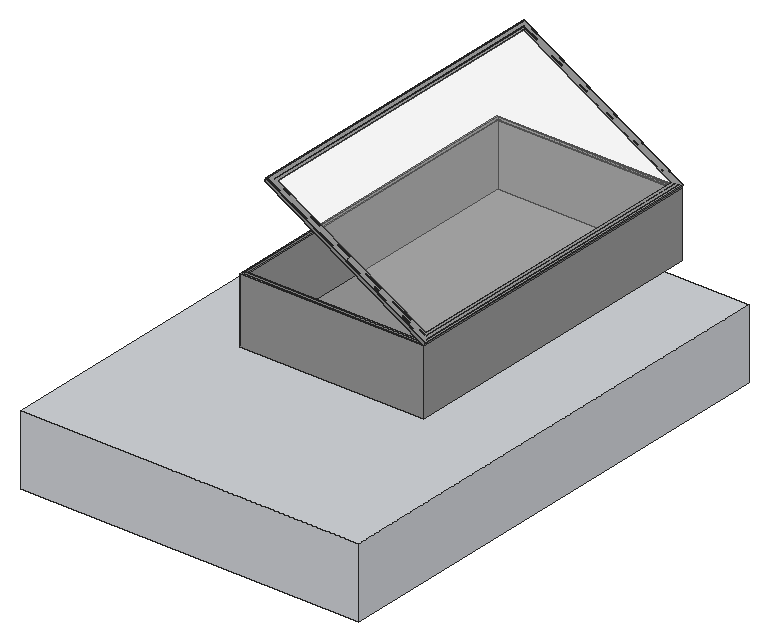
Revit family "Hager-Orion_Inox-IP66-D300-Cl.I-Inox_encl-630A-1400mm-CH-it", category Equipement électrique, Revit 2020
Family settings
  Hôte = Face
  Configuration du panneau = Deux colonnes, circuits au sein
  Cote de connecteur circulaire = Utiliser le diamètre
  Type d'élément = Tableau de raccordement
  Couper avec des vides une fois chargée = Non
  Partagée = Non
  Point de calcul de pièce = Non
Parameters (values of type "A parete IP66 L800 A1400 P300  - FL049TWL")
  Width Control [instance] = if([EF000008 - Larghezza] > Min Width, [EF000008 - Larghezza], Min Width)  # 800 mm
  Commentaires du type = [HG000003 - Gamma]  # "Orion Inox"
  Thickness Door [instance] = if([EF009171 - spessore materiale porta/coperchio] > 3 mm, 3 mm, [EF009171 - spessore materiale porta/coperchio])  # 1.5 mm
  Seal Frame Offset [instance] = 17 mm  # constant formula
  Model = ""
  Min Width [instance] = 100 mm  # constant formula
  Min Height [instance] = 100 mm  # constant formula
  Min Depth [instance] = (2 * [EF009170 - spessore materiale scatola]) + 1 mm  # 4 mm
  Internal Frame Depth [instance] = (Door System Depth * 0.5)  # 9 mm
  Height Control [instance] = if([EF000040 - Altezza] > Min Height, [EF000040 - Altezza], Min Height)  # 1400 mm
  HG000027 - Altezza dello zoccolo = 0 mm
  HG000026 - A pavimento = no
  HG000024 - Altezza della sezione inferiore = 800 mm
  HG000023 - Custodia a doppia sezione = no
  HG000016 - Visibilità delle porte nella vista 3D [instance] = yes
  HG000015 - Visibilità attraverso la porta [instance] = no
  HG000014 - Porta destra [instance] = yes
  HG000013 - Porta sinistra [instance] = not([HG000014 - Porta destra])  # no
  HG000012 - Angolo di apertura della porta [instance] = 30.00°
  HG000010 - Porte asimmetriche = no
  HG000009 - Porta doppia a battente = no
  HG000006 - Ad incasso = no
  HG000004 - Codice produttore = "FL049TWL"
  HG000003 - Gamma = "Orion Inox"
  HG000002 - Con porta = yes
  Frame Offset Bottom [instance] = 10 mm  # constant formula
  Frame Offset [instance] = 15 mm  # constant formula
  EF015940 - Coprire con rilascio di sovrapressione = no
  EF011959 - tipo di protezione (NEMA) = ""
  EF009554 - numero delle aperture per la piastra della flangia = 0
  Fabricant = "Hager"  # constant formula
  EF009212 - esecuzione coperchio = "EV000116 - chiuso"
  EF009171 - spessore materiale porta/coperchio = 1.5 mm
  EF009170 - spessore materiale scatola = 1.5 mm
  EF008873 - corrente nominale (In) = 630 A
  EF007800 - adatto per parafulmine = no
  EF006306 - con serratura = yes
  EF006244 - coperchio/porta trasparente = yes
  EF005474 - grado di protezione (IP) = "EV006422 - IP66"
  EF004464 - tipo di porta = "EV002646 - singolo"
  EF004427 - numero di moduli = 0
  EF004293 - resistenza agli urti = "EV006814 - IK08"
  EF003532 - adatto per uso esterno = yes
  EF002950 - Numero moduli DIN = 0
  EF001613 - Integrità del circuito = "EV000494 - senza"
  EF001596 - Attacco Lampada = "EV000166 - acciaio inossidabile"
  EF001131 - profondità interna = 266 mm
  EF001088 - possibilità di applicazione = yes
  EF000437 - numero di ingressi per conduttori = 0
  EF000339 - tipo di copertura = "EV004216 - porta"
  EF000266 - numero di file = 0
  EF000218 - profondità di incasso = 0 mm
  EF000118 - con piastra di montaggio = no
  EF000116 - numero RAL = ""
  EF000049 - profondità = 300 mm
  EF000040 - Altezza = 1400 mm
  EF000008 - Larghezza = 800 mm
  EF000007 - colore = "EV000154 - altri"
  EF000003 - Tipo di montaggio = "EV000384 - A parete"
  Door System Leaf Tolerance [instance] = 1.5 mm  # constant formula
  Door System Depth [instance] = 18 mm  # constant formula
  Depth Control [instance] = if([EF000049 - profondità] > Min Depth, [EF000049 - profondità], Min Depth)  # 300 mm
  Default Elevation = 0 mm
Types (4, lengths in mm): name | HG000004 - Codice produttore | EF006244 - coperchio/porta trasparente | EF004293 - resistenza agli urti
  A parete IP66 L800 A1400 P300  - FL049BW | "FL049BW" | no | "EV008784 - IK10"
  A parete IP66 L800 A1400 P300  - FL049BWL | "FL049BWL" | no | "EV008784 - IK10"
  A parete IP66 L800 A1400 P300  - FL049TW | "FL049TW" | yes | "EV006814 - IK08"
  A parete IP66 L800 A1400 P300  - FL049TWL | "FL049TWL" | yes | "EV006814 - IK08"
Reference planes
  plane 1 "Center (Front/Back)": y = 0
  plane 2: z = 0
  plane 3 "Center (Left/Right)": x = 0
  plane 4: z = 300
  plane 5: y = 1.5
  plane 6: y = 700
  plane 7: y = 0
  plane 8: y = 1400
  plane 9: z = 0
  plane 10: x = -385
  plane 11: x = 385
  plane 12: x = 383.5
  plane 13: x = -383.5
  plane 14: y = 1398.5
  plane 15: x = -383
  plane 16: x = -400
  plane 17: x = 383
  plane 18: x = 400
  plane 19: x = 398.5
  plane 20: x = -398.5
  plane 21: y = 11.5
  plane 22: y = 1400
  plane 23: y = 1383.5
  plane 24: z = 282
  plane 25: z = 1.5
  plane 26: z = 280.5
  plane 27: z = 298.5
Forms (mm)
  Extrusion 1, solid
    sketch origin (0, 0, 0) x (1, 0, 0) y (0, 1, 0)
      loop
        line (-702.964, 1305) -> (-702.964, -811.445) -> (766.763, -811.445) -> (766.763, 1305) -> (-702.964, 1305)
    from 0 to -304.8
  Extrusion 2, solid, material "Hager_Stainless_Steel", detail levels medium+fine
    sketch origin (0, 0, 0) x (1, 0, 0) y (0, 1, 0)
      loop
        line (-400, 0) -> (400, 0) -> (400, 1400) -> (-400, 1400) -> (-400, 0)
    from 0 to 282
  Extrusion 3, solid, material "Hager_Steel_RAL 7035_Light_Grey", not visible, detail levels medium+fine
    sketch origin (0, 28.16, 50.802) x (0, 1, 0) y (0, 0, 1)
      loop
        line (723.34, -50.802) -> (723.34, 237.698)
        arc (723.34, 237.698) -> (720.411, 244.769) -> (713.34, 247.698) r 10
        line (713.34, 247.698) -> (683.34, 247.698) -> (683.34, -50.802) -> (723.34, -50.802)
    from -398.5 to 398.5
  Extrusion 4, void
    sketch origin (0, 0, 0) x (1, 0, 0) y (0, 1, 0)
      loop
        line (-398.5, 1.5) -> (398.5, 1.5) -> (398.5, 1398.5) -> (-398.5, 1398.5) -> (-398.5, 1.5)
    from 1.5 to 280.5
  Extrusion 5, void
    sketch origin (-381.607, -4572, 282) x (0, -1, 0) y (-1, 0, 0)
      loop
        line (-4583.5, 1.893) -> (-5955.5, 1.893) -> (-5955.5, -765.107) -> (-4583.5, -765.107) -> (-4583.5, 1.893)
    from 0 to 1.5 <- "EF009170 - spessore materiale scatola"
  Extrusion 6, solid, material "Hager_Stainless_Steel", detail levels fine
    sketch origin (-381.607, -4572, 282) x (-1, 0, 0) y (0, -1, 0)
      loop
        line (1.893, -4583.5) -> (-765.107, -4583.5) -> (-765.107, -5955.5) -> (1.893, -5955.5) -> (1.893, -4583.5)
      loop
        line (2.893, -4582) -> (-766.107, -4582) -> (-766.107, -5957) -> (2.893, -5957) -> (2.893, -4582)
    from 0 to 9 <- "Internal Frame Depth"
  Extrusion 7, solid, material "Hager_Stainless_Steel", detail levels coarse
    sketch origin (0, 0, 0) x (1, 0, 0) y (0, 1, 0)
      loop
        line (-400, 0) -> (400, 0) -> (400, 1400) -> (-400, 1400) -> (-400, 0)
    from 0 to 300
Cuts and joins
  Extrusion 4, Extrusion 5 cuts Extrusion 2
Lines and regions (mm)
  Masking region 1
    outline origin (0, 0, 0) x (1, 0, 0) y (0, 0, 1)
      loop
        line (-400, 300) -> (-400, 0) -> (400, 0) -> (400, 300) -> (-400, 300)
  Masking region 2, detail levels medium+fine
    outline origin (0, 140, 0) x (0, 1, 0) y (0, 0, 1)
      loop
        line (-140, 0) -> (1260, 0) -> (1260, 282) -> (-140, 282) -> (-140, 0)
  Masking region 3, not visible, detail levels medium+fine
    outline origin (0, 297.922, 0) x (0, 1, 0) y (0, 0, 1)
      loop
        line (413.578, 0) -> (453.578, 0) -> (453.578, 288.5)
        arc (453.578, 288.5) -> (450.649, 295.571) -> (443.578, 298.5) r 10
        line (443.578, 298.5) -> (413.578, 298.5) -> (413.578, 0)
  Masking region 4, detail levels coarse
    outline origin (0, 0, 180) x (0, 1, 0) y (0, 0, 1)
      loop
        line (0, -180) -> (1400, -180) -> (1400, 120) -> (0, 120) -> (0, -180)
  Masking region 5
    outline origin (-381.607, -4572, 282) x (-1, 0, 0) y (0, -1, 0)
      loop
        line (18.393, -5972) -> (18.393, -4572) -> (-781.607, -4572) -> (-781.607, -5972) -> (18.393, -5972)
Dimensions and locks
  "Depth Control": plane 4 to Extrusion 1
  "EF009170 - spessore materiale scatola": plane 5 to plane 7
  locked: connector elem to plane 3 "Center (Left/Right)"
  equal spacing: plane 8, plane 6, plane 7
  locked: connector elem to plane 6
  "EF009170 - spessore materiale scatola": plane 8 to plane 14
  "EF009170 - spessore materiale scatola": plane 10 to plane 13
  "EF009170 - spessore materiale scatola": plane 12 to plane 11
  "Frame Offset": plane 20 to plane 13
  "Frame Offset": plane 12 to plane 19
  "EF009170 - spessore materiale scatola": plane 16 to plane 20
  "EF009170 - spessore materiale scatola": plane 19 to plane 18
  "Seal Frame Offset": plane 16 to plane 15
  "Seal Frame Offset": plane 17 to plane 18
  "Frame Offset Bottom": plane 21 to plane 5
  "Frame Offset": plane 14 to plane 23
  equal spacing: plane 16, plane 3 "Center (Left/Right)", plane 18
  "Width Control": plane 16 to plane 18
  "EF009170 - spessore materiale scatola": plane 4 to plane 27
  "EF009170 - spessore materiale scatola": plane 24 to plane 26
  "EF009170 - spessore materiale scatola": plane 25 to level
  "Door System Depth": plane 4 to plane 24
  "Height Control": plane 1 "Center (Front/Back)" to Extrusion 7 sketch curve
  "Height Control": Masking region 4 sketch curve to plane 1 "Center (Front/Back)"
  "Thickness Door": Extrusion 6 sketch curve to plane 15
  "Thickness Door": plane 21 to Extrusion 6 sketch curve
  "Thickness Door": plane 17 to Extrusion 6 sketch curve
  "Thickness Door": Extrusion 6 sketch curve to plane 23
  "Height Control": plane 1 "Center (Front/Back)" to plane 22
  radius of Masking region 3 sketch curve = 10 mm
  radius of Extrusion 3 sketch curve = 10 mm
  aligned and locked: plane 2 to Extrusion 1
  aligned and locked: level to Extrusion 1
  aligned and locked: level to Masking region 1 sketch curve
  aligned and locked: Masking region 1 sketch curve to plane 18
  aligned and locked: Masking region 1 sketch curve to plane 16
  aligned and locked: plane 7 to Masking region 2 sketch curve
  aligned and locked: level to Masking region 3 sketch curve
  aligned and locked: Masking region 3 sketch curve to plane 27
  aligned and locked: level to Masking region 2 sketch curve
  aligned and locked: Extrusion 2 sketch curve to plane 7
  aligned and locked: plane 16 to Extrusion 2 sketch curve
  aligned and locked: plane 18 to Extrusion 2 sketch curve
  aligned and locked: Extrusion 3 sketch curve to level
  aligned and locked: plane 27 to Extrusion 3 sketch curve
  aligned and locked: plane 20 to Extrusion 3
  aligned and locked: plane 19 to Extrusion 3
  aligned and locked: plane 20 to Extrusion 4 sketch curve
  aligned and locked: plane 19 to Extrusion 4 sketch curve
  aligned and locked: Extrusion 4 sketch curve to plane 5
  aligned and locked: Extrusion 4 to plane 25
  aligned and locked: plane 26 to Extrusion 4
  aligned and locked: plane 24 to Extrusion 2
  aligned and locked: Extrusion 5 sketch curve to plane 21
  aligned and locked: Extrusion 5 sketch curve to plane 13
  aligned and locked: Extrusion 5 sketch curve to plane 12
  aligned and locked: plane 18 to Extrusion 7 sketch curve
  aligned and locked: plane 1 "Center (Front/Back)" to Extrusion 7 sketch curve
  aligned and locked: plane 16 to Extrusion 7 sketch curve
  aligned and locked: plane 4 to Extrusion 7
  aligned and locked: Extrusion 7 to level
  aligned and locked: level to Masking region 4 sketch curve
  aligned and locked: Masking region 4 sketch curve to plane 1 "Center (Front/Back)"
  aligned and locked: Masking region 4 sketch curve to plane 4
  aligned and locked: nested 1 to level
  aligned and locked: nested 1 to plane 16
  aligned and locked: plane 8 to Extrusion 2 sketch curve
  aligned and locked: plane 23 to Extrusion 5 sketch curve
  aligned and locked: plane 14 to Extrusion 4 sketch curve
  aligned and locked: Extrusion 6 sketch curve to plane 21
  aligned and locked: plane 13 to Extrusion 6 sketch curve
  aligned and locked: plane 23 to Extrusion 6 sketch curve
  aligned and locked: plane 12 to Extrusion 6 sketch curve
  aligned and locked: Masking region 2 sketch curve to plane 8
  aligned and locked: Masking region 2 sketch curve to plane 24
  aligned and locked: nested 2 to plane 3 "Center (Left/Right)"
  aligned and locked: nested 2 to plane 24
  aligned and locked: Masking region 5 sketch curve to plane 1 "Center (Front/Back)"
  aligned and locked: Masking region 5 sketch curve to plane 18
  aligned and locked: Masking region 5 sketch curve to plane 22
  aligned and locked: Masking region 5 sketch curve to plane 16
  aligned and locked: plane 8 to plane 22
  aligned and locked: plane 7 to plane 1 "Center (Front/Back)"
  aligned and locked: nested 2 to plane 1 "Center (Front/Back)"
Automatic sketch dimensions
  Extrusion 1 sketch curve to Extrusion 1 sketch curve = 1469.727 mm
  Extrusion 1 sketch curve to Extrusion 1 sketch curve = 2116.445 mm
  plane 6 to Masking region 3 sketch curve = 11.5 mm
  Masking region 3 sketch curve to Masking region 3 sketch curve = 30 mm
  plane 6 to Extrusion 3 sketch curve = 11.5 mm
  Extrusion 3 sketch curve to Extrusion 3 sketch curve = 30 mm
  Masking region 1 sketch curve to plane 4 = 0 mm
Nested families
  nested 1: "Hager_Enclosure_Symbol" at (-400, 0, 0) x (1, 0, 0) z (0, -1, 0), Height <- "Depth Control", Width <- "Width Control", type "Hager_Enclosure_Symbol"
    with Width_Ctrl 800 mm, Width 800 mm, Height_Ctrl 300 mm, Height 300 mm, A_Width_Int 19.688 mm, A_Width 236.25 mm, A_Height_Ctrl 262.5 mm, A_Height 262.5 mm
  nested 2: "EC000058_OrionInox_Door" at (0, 1400, 282) x (1, 0, 0) z (0, -1, 0), Leaf_Tolerance <- "Door System Leaf Tolerance", Angle <- "HG000012 - Angolo di apertura della porta", Door_Depth <- "Door System Depth", Door_Left <- "HG000013 - Porta sinistra", Transparent <- "EF006244 - coperchio/porta trasparente", Assymetrical <- "HG000010 - Porte asimmetriche", Width <- "Width Control", Clearance <- "HG000015 - Visibilità attraverso la porta", Double <- "HG000009 - Porta doppia a battente", 3d_Door <- "HG000016 - Visibilità delle porte nella vista 3D", Width_Ctrl <- "Width Control", Door_Right <- "HG000014 - Porta destra", Door <- "HG000002 - Con porta", Height <- "Height Control", Thickness <- "Thickness Door", type "EC000058_OrionInox_Door", detail levels medium+fine
    with min_wh 4 mm, Width_Ctrl 800 mm, Width 800 mm, Transparent yes, Thickness 1.5 mm, Seal_Material Hager_Rubber, Leaf_Width 800 mm, Leaf_Tolerance_External_Sides 0 mm, Leaf_Tolerance 1.5 mm, Leaf_Offset 0 mm, Leaf_Height 1397 mm, Leaf_2_Width 800 mm, Leaf_2_Offset 400 mm, Leaf_1_Width 800 mm, Leaf_1_Offset 400 mm, Height_Ctrl 1400 mm, Height 1400 mm, Glass_Material Hager_Glass, Double_Clearance_Ctrl no, Double no, Door_Right_Ctrl yes, Door_Right yes, Door_Material Hager_Stainless_Steel, Door_Left_Ctrl no, Door_Left no, Door_Depth 18 mm, Door yes, Clearance_Material Hager_Clearance, Clearance_Depth 800 mm, Clearance_Ctrl no, Clearance no, Assymetrical no, Angle 30.00°, 3d_Door yes
Connectors
  electrical at (0, 700, 0)
    settings: on plane 9, index 1, voltage 0 V, apparent load 0 VA, apparent load phase1 0 VA, apparent load phase2 0 VA, apparent load phase3 0 VA, power factor 1, load classification "Other", number of poles 1, system type 30, power factor state 1, is connector primary yes, connector utility no, sub classification motor no, connector description ""
Definition of nested family "EC000058_OrionInox_Door"
  Parameters (values of type "EC000058_OrionInox_Door")
    min_wh [instance] = (2 * Thickness) + 1 mm  # 11 mm
    Width_Ctrl [instance] = 400 mm
    Width [instance] = 500 mm
    Transparent [instance] = yes
    Thickness [instance] = 5 mm
    Seal_Material [instance] = none
    Leaf_Width [instance] = if((Width_Ctrl - 2 * Leaf_Tolerance_External_Sides) > 0 mm, (Width_Ctrl - 2 * Leaf_Tolerance_External_Sides), min_wh)  # 400 mm
    Leaf_Tolerance_External_Sides [instance] = 0 mm  # constant formula
    Leaf_Tolerance [instance] = 1.5 mm
    Leaf_Offset [instance] = 0 mm  # constant formula
    Leaf_Height [instance] = if((Height_Ctrl - 2 * Leaf_Tolerance) > 0 mm, (Height_Ctrl - 2 * Leaf_Tolerance), min_wh)  # 497 mm
    Leaf_2_Width [instance] = if(and(and(Double, Assymetrical), Door_Left), (Leaf_Width / 3) - (Leaf_Tolerance / 2), if(and(and(Double, Assymetrical), Door_Right), (Leaf_Width / 3) * 2 - (Leaf_Tolerance / 2), if(and(Double, not(Assymetrical)), (Leaf_Width / 2) - Leaf_Tolerance, Leaf_Width)))  # 400 mm
    Leaf_2_Offset [instance] = if(and(Double, Assymetrical), Leaf_2_Width / 2, if(and(Double, not(Assymetrical)), Leaf_Width / 4, Leaf_Width / 2))  # 200 mm
    Leaf_1_Width [instance] = if(and(and(Double, Assymetrical), Door_Right), (Leaf_Width / 3) - (Leaf_Tolerance / 2), if(and(and(Double, Assymetrical), Door_Left), (Width / 3) * 2 - (Leaf_Tolerance / 2), if(and(Double, not(Assymetrical)), (Leaf_Width / 2) - Leaf_Tolerance, Leaf_Width)))  # 400 mm
    Leaf_1_Offset [instance] = if(and(Double, Assymetrical), Leaf_1_Width / 2, if(and(Double, not(Assymetrical)), Leaf_Width / 4, Leaf_Width / 2))  # 200 mm
    Height_Ctrl [instance] = if(Height > min_wh, Height, min_wh)  # 500 mm
    Height [instance] = 500 mm
    Glass_Material [instance] = none
    Double_Clearance_Ctrl [instance] = and(Double, Clearance)  # no
    Double [instance] = no
    Door_Right_Ctrl [instance] = and(or(Door_Right, Double), Door)  # yes
    Door_Right [instance] = yes
    Door_Material [instance] = none
    Door_Left_Ctrl [instance] = and(or(Door_Left, Double), Door)  # no
    Door_Left [instance] = no
    Door_Depth [instance] = 30 mm
    Door [instance] = yes
    Default Elevation = 1219.2 mm
    Clearance_Material [instance] = none
    Clearance_Depth [instance] = if(Leaf_1_Width > Leaf_2_Width, Leaf_1_Width, Leaf_2_Width)  # 400 mm
    Clearance_Ctrl [instance] = and(not(Double), Clearance)  # yes
    Clearance [instance] = yes
    Assymetrical [instance] = yes
    Angle [instance] = 30.00°
    3d_Door [instance] = yes
  Reference planes
    plane 1 "Center (Front/Back)": y = 0
    plane 2 "Bottom": z = 0
    plane 3 "Center (Left/Right)": x = 0
    plane 4: z = 500
    plane 5: x = -200
    plane 6: x = 200
    plane 7: z = 500
    plane 8: x = -200
    plane 9: z = 0
    plane 10: x = 200
    plane 11: y = 0
    plane 12: z = 1.5
    plane 13: x = -600
    plane 14: y = -400
    plane 15: x = 600
    plane 16: x = 0
    plane 17: x = 0
    plane 18: x = -200
    plane 19: x = 200
    plane 20: z = 498.5
  Forms (mm)
    Extrusion 1, solid, material <- "Clearance_Material", visible <- "Double_Clearance_Ctrl"
      sketch origin (1200, 0, 0) x (1, 0, 0) y (0, 0, -1)
        loop
          line (-1800, -498.5) -> (-600, -498.5) -> (-600, 0) -> (-1800, 0) -> (-1800, -498.5)
      from 0 to -400
  Dimensions and locks
    equal spacing: plane 5, plane 3 "Center (Left/Right)", plane 6
    "Width_Ctrl": plane 5 to plane 6
    "Leaf_Offset": plane 5 to plane 8
    "Leaf_Offset": plane 6 to plane 10
    "Leaf_Offset": plane 9 to level
    "Leaf_Offset": plane 4 to plane 7
    "Height_Ctrl": plane 4 to level
    "Leaf_Tolerance": plane 12 to plane 9
    locked: plane 11 to plane 1 "Center (Front/Back)"
    "Leaf_1_Offset": plane 18 to plane 16
    "Leaf_2_Offset": plane 17 to plane 19
    "Leaf_1_Width": plane 13 to plane 8
    "Leaf_2_Width": plane 10 to plane 15
    "Clearance_Depth": plane 14 to plane 1 "Center (Front/Back)"
    "Leaf_Tolerance_External_Sides": plane 8 to plane 18
    "Leaf_Tolerance_External_Sides": plane 19 to plane 10
    "Leaf_Tolerance": plane 7 to plane 20
    aligned and locked: level to plane 2 "Bottom"
    aligned and locked: nested 1 to plane 16
    aligned and locked: nested 2 to plane 17
    aligned and locked: Extrusion 1 to plane 13
    aligned and locked: plane 15 to Extrusion 1
    aligned and locked: Extrusion 1 to plane 14
    aligned and locked: plane 12 to nested 1
    aligned and locked: nested 2 to plane 12
    aligned and locked: Extrusion 1 to plane 11
    aligned and locked: plane 20 to Extrusion 1
    aligned and locked: nested 2 to plane 11
    aligned and locked: nested 1 to plane 11
  Automatic sketch dimensions
    Extrusion 1 sketch curve to level = 0 mm
    plane 5 to Extrusion 1 sketch curve = 400 mm
    plane 6 to Extrusion 1 sketch curve = 400 mm
    Extrusion 1 sketch curve to plane 4 = 1.5 mm
  Nested families
    nested 1: "EC000058_OrionInox_Door_Leaf" at (0, 0, 1.5), Width <- "Leaf_1_Width", visible <- "Door_Left_Ctrl", Leaf_Height <- "Leaf_Height", Angle <- "Angle", 3d_Door <- "3d_Door", Transparent <- "Transparent", Clearance Material <- "Clearance_Material", Clearance <- "Clearance_Ctrl", Door_Material <- "Door_Material", Glass_Material <- "Glass_Material", Door_Depth <- "Door_Depth", Seal_Material <- "Seal_Material", Thickness <- "Thickness", type "EC000058_OrionInox_Door_Leaf"
      with Width 400 mm, Transparent_Ctrl yes, Transparent yes, Thickness 5 mm, Standard no, Seal_Material none, Seal_D2 8 mm, Seal_D1 1 mm, Offset_Internal_Frame 10 mm, Lock_Width 28 mm, Lock_Thickness 2 mm, Lock_Radius 6 mm, Leaf_Height 497 mm, Internal_Seal_Thickness 8 mm, Internal_Seal_Depth_2 4.5 mm, Internal_Frame_Depth 25 mm, Glass_Thickness -1 mm, Glass_Offset -2 mm, Glass_Material none, Door_Material none, Door_Depth 30 mm, Clearance Material none, Clearance yes, Angle_Ctrl 30.00°, Angle 30.00°, 3d_Door yes
    nested 2: "EC000058_OrionInox_Door_Leaf" at (0, 0, 1.5) x (-1, 0, 0) z (0, 0, 1), Width <- "Leaf_2_Width", visible <- "Door_Right_Ctrl", Leaf_Height <- "Leaf_Height", Angle <- "Angle", 3d_Door <- "3d_Door", Transparent <- "Transparent", Clearance Material <- "Clearance_Material", Clearance <- "Clearance_Ctrl", Door_Material <- "Door_Material", Glass_Material <- "Glass_Material", Door_Depth <- "Door_Depth", Seal_Material <- "Seal_Material", Thickness <- "Thickness", type "EC000058_OrionInox_Door_Leaf"
      with Width 400 mm, Transparent_Ctrl yes, Transparent yes, Thickness 5 mm, Standard no, Seal_Material none, Seal_D2 8 mm, Seal_D1 1 mm, Offset_Internal_Frame 10 mm, Lock_Width 28 mm, Lock_Thickness 2 mm, Lock_Radius 6 mm, Leaf_Height 497 mm, Internal_Seal_Thickness 8 mm, Internal_Seal_Depth_2 4.5 mm, Internal_Frame_Depth 25 mm, Glass_Thickness -1 mm, Glass_Offset -2 mm, Glass_Material none, Door_Material none, Door_Depth 30 mm, Clearance Material none, Clearance yes, Angle_Ctrl 30.00°, Angle 30.00°, 3d_Door yes
  Definition of nested family "EC000058_OrionInox_Door_Leaf"
    Parameters (values of type "EC000058_OrionInox_Door_Leaf")
      Width [instance] = 450 mm
      Transparent_Ctrl [instance] = and(Transparent, [3d_Door])  # yes
      Transparent [instance] = yes
      Thickness [instance] = 5 mm
      Standard [instance] = and(not(Transparent), [3d_Door])  # no
      Seal_Material [instance] = none
      Seal_D2 [instance] = 8 mm  # constant formula
      Seal_D1 [instance] = 1 mm  # constant formula
      Offset_Internal_Frame [instance] = 10 mm  # constant formula
      Lock_Width [instance] = Door_Depth - Lock_Thickness  # 28 mm
      Lock_Thickness [instance] = 2 mm  # constant formula
      Lock_Radius [instance] = 6 mm  # constant formula
      Leaf_Height [instance] = 450 mm
      Internal_Seal_Thickness [instance] = 8 mm  # constant formula
      Internal_Seal_Depth_2 [instance] = 4.5 mm  # constant formula
      Internal_Frame_Depth [instance] = if(Door_Depth - Thickness > 5 mm, Door_Depth - Thickness, 5 mm)  # 25 mm
      Glass_Thickness [instance] = if(Thickness > 15 mm, Glass_Offset + 10 mm, -1 mm)  # -1 mm
      Glass_Offset [instance] = if(Thickness > 15 mm, -(Thickness + 10 mm) / 2, -2 mm)  # -2 mm
      Glass_Material [instance] = none
      Door_Material [instance] = none
      Door_Depth [instance] = 30 mm
      Default Elevation = 0 mm
      Clearance Material [instance] = none
      Clearance [instance] = yes
      Angle_Ctrl [instance] = if(Angle > 180.00°, 180.00°, Angle)  # 90.00°
      Angle [instance] = 90.00°
      3d_Door [instance] = yes
    Reference planes
      plane 1 "Center (Front/Back)": y = 0
      plane 2: z = 0
      plane 3 "Center (Left/Right)": x = 0
      plane 4: y = 450
      plane 5: x = -225
      plane 6: x = 225
      plane 7: x = -675
      plane 8: z = 450
      plane 9: z = 30
      plane 10: z = 420
      plane 11: x = 195
      plane 12: x = -195
      plane 13: y = -3
      plane 14: z = 107.833
      plane 15: y = -5
      plane 16: y = -223.314
      plane 17: x = -225
      plane 18: y = 30
    Forms (mm)
      Extrusion 1, solid, material <- "Clearance Material", visible <- "Clearance"
        sketch origin (0, 0, 0) x (1, 0, 0) y (0, 0, 1)
          loop
            line (-675, 450) -> (-675, 0) -> (225, 0) -> (225, 450) -> (-675, 450)
        from 0 to -450
      Extrusion 2, solid, material <- "Door_Material", visible <- "Standard", detail levels medium+fine
        sketch origin (-225, 0, 0) x (0, 1, 0) y (-1, 0, 0)
          loop
            line (0, 30) -> (0, 25) -> (450, 25) -> (450, 30) -> (0, 30)
        from 0 to 450 <- "Leaf_Height"
      Extrusion 3, solid, material <- "Door_Material", visible <- "Transparent_Ctrl", detail levels medium+fine
        sketch origin (-225, 0, 0) x (0, 1, 0) y (-1, 0, 0)
          loop
            line (0, 25) -> (450, 25) -> (450, 30) -> (0, 30) -> (0, 25)
        from 0 to 450 <- "Leaf_Height"
      Extrusion 4, void
        sketch origin (-250, 450, 0) x (0, 1, 0) y (0, 0, -1)
          loop
            line (-30, -420) -> (-30, -30) -> (-420, -30) -> (-420, -420) -> (-30, -420)
        from 0 to 5 <- "Thickness"
      Sweep 5, solid, material <- "Seal_Material", visible <- "Transparent_Ctrl", detail levels fine
        path in 3D
          loop
            line (-250, 30, 30) -> (-250, 30, 420) -> (-250, 420, 420) -> (-250, 420, 30) -> (-250, 30, 30)
        profile origin (-250, 225, 30) x (1, 0, 0) y (0, 0, 1)
          loop
            line (0, 0) -> (0, -8) -> (1, -8) -> (1, 0) -> (0, 0)
      Extrusion 6, solid, material <- "Glass_Material", visible <- "Transparent_Ctrl", detail levels medium+fine
        sketch origin (-255, 0, 0) x (0, 1, 0) y (0, 0, -1)
          loop
            line (420, -420) -> (420, -30) -> (30, -30) -> (30, -420) -> (420, -420)
        from -2 <- "Glass_Offset" to -1 <- "Glass_Thickness"
      Extrusion 7, solid, material <- "Door_Material", visible <- "3d_Door", detail levels medium+fine
        sketch origin (-250, 450, 0) x (0, -1, 0) y (0, 0, -1)
          loop
            line (0, -450) -> (450, -450) -> (450, 0) -> (0, 0) -> (0, -450)
          loop
            line (445, -5) -> (5, -5) -> (5, -445) -> (445, -445) -> (445, -5)
        from 0 to 25 <- "Internal_Frame_Depth"
      Sweep 8, solid, material <- "Seal_Material", visible <- "Transparent_Ctrl", detail levels fine
        path in 3D
          loop
            line (-250, 0, 0) -> (-250, 450, 0) -> (-250, 450, 450) -> (-250, 0, 450) -> (-250, 0, 0)
        profile origin (-250, 0, 225) x (1, 0, 0) y (0, 1, 0)
          loop
            line (0, 10) -> (2.975, 10)
            arc (2.975, 10) -> (4.053, 10.447) -> (4.5, 11.525) r 1.525
            line (4.5, 11.525) -> (4.5, 16.527)
            arc (4.5, 16.527) -> (4.069, 17.569) -> (3.027, 18) r 1.473
            line (3.027, 18) -> (0, 18) -> (0, 10)
    Cuts and joins
      Extrusion 4 cuts Extrusion 3
    Lines and regions (mm)
      Masking region 1, detail levels medium+fine
        outline origin (0, 0, 0) x (0, 1, 0) y (0, 0, 1)
          loop
            line (0, 0) -> (30, 0) -> (30, 450) -> (0, 450) -> (0, 0)
      Masking region 2, detail levels medium+fine
        outline origin (0, 0, 0) x (1, 0, 0) y (0, 0, 1)
          loop
            line (-225, 450) -> (-225, 0) -> (225, 0) -> (225, 450) -> (-225, 450)
      symbolic lines
        curve 1: line (225, 0, 0) -> (-675, 0, 0)
        curve 2: arc (225, 0, 0) -> (-225, 450, 0) -> (-675, 0, 0) r 450
        curve 4: line (-255, 0, 0) -> (-255, 450, 0)
      reference lines
        curve 3: line (-225, 0, 0) -> (-225, 450, 0)
      symbolic lines, detail levels medium+fine
        curve 5: line (-255, 450, 0) -> (-250, 450, 0)
        curve 7: line (-250, 0, 0) -> (-255, 0, 0)
        curve 8: line (-250, 0, 0) -> (-225, 0, 0)
        curve 9: line (-225, 0, 0) -> (-225, 450, 0)
        curve 10: line (-225, 450, 0) -> (-250, 450, 0)
      symbolic lines, detail levels fine
        curve 6: line (-250, 450, 0) -> (-250, 0, 0)
      sketch lines
        curve 11: line (-250, 0, 450) -> (-250, 0, 0)
        curve 12: line (-250, 450, 0) -> (-250, 0, 0)
        curve 13: line (-250, 450, 450) -> (-250, 450, 0)
        curve 14: line (-250, 0, 450) -> (-250, 450, 450)
        curve 15: line (-250, 420, 30) -> (-250, 30, 30)
        curve 16: line (-250, 30, 30) -> (-250, 30, 420)
        curve 17: line (-250, 420, 420) -> (-250, 420, 30)
        curve 18: line (-250, 30, 420) -> (-250, 420, 420)
      symbolic lines, visible <- "Transparent", detail levels medium+fine
        curve 19: line (-195, 0, 420) -> (195, 0, 420)
        curve 20: line (-195, 0, 30) -> (-195, 0, 420)
        curve 21: line (195, 0, 30) -> (-195, 0, 30)
        curve 22: line (195, 0, 420) -> (195, 0, 30)
    Dimensions and locks
      "Width": plane 1 "Center (Front/Back)" to plane 4
      equal spacing: plane 5, plane 3 "Center (Left/Right)", plane 6
      "Width": plane 5 to plane 6
      "Width": plane 7 to plane 5
      "Leaf_Height": plane 8 to level
      "Width": curve 5 to curve 3
      "Width": curve 3 to curve 3
      plane 8 to plane 10 = 30 mm
      plane 9 to level = 30 mm
      plane 12 to plane 5 = 30 mm
      plane 6 to plane 11 = 30 mm
      Extrusion 4 sketch curve to Extrusion 3 = 30 mm
      Extrusion 3 to Extrusion 4 sketch curve = 30 mm
      Extrusion 1 to Extrusion 4 sketch curve = 30 mm
      curve 3 to Extrusion 4 sketch curve = 30 mm
      Extrusion 4 sketch curve to cut or joined group of Extrusion 3, Extrusion 4 = 30 mm
      cut or joined group of Extrusion 3, Extrusion 4 to Extrusion 6 sketch curve = 30 mm
      cut or joined group of Extrusion 3, Extrusion 4 to Extrusion 4 sketch curve = 30 mm
      "Thickness": curve 6 to curve 4
      "Thickness": Extrusion 7 sketch curve to Extrusion 7 sketch curve  (x4)
      "Door_Depth": curve 4 to curve 3
      "Offset_Internal_Frame": profile plane to Sweep 8 sketch curve
      "Internal_Seal_Thickness": Sweep 8 sketch curve to Sweep 8 sketch curve
      "Internal_Seal_Depth_2": profile plane to Sweep 8 sketch curve
      "Seal_D1": profile plane to Sweep 5 sketch curve
      "Seal_D2": profile plane to Sweep 5 sketch curve
      "Thickness": Extrusion 2 sketch curve to Extrusion 2 sketch curve
      "Door_Depth": plane 18 to plane 1 "Center (Front/Back)"
      radius of Sweep 8 sketch curve = 1.525 mm
      radius of Sweep 8 sketch curve = 1.473 mm
      "Angle_Ctrl": angle plane 1 "Center (Front/Back)" to curve 3
      aligned and locked: level to plane 2
      aligned and locked: Extrusion 1 to curve 1
      aligned and locked: plane 6 to Extrusion 1
      aligned and locked: plane 1 "Center (Front/Back)" to Extrusion 1
      aligned and locked: plane 4 to Extrusion 1
      aligned and locked: plane 8 to Extrusion 1
      aligned and locked: curve 7 to Extrusion 2 sketch curve
      aligned and locked: curve 5 to Extrusion 2 sketch curve
      aligned and locked: curve 7 to Extrusion 3 sketch curve
      aligned and locked: Extrusion 3 sketch curve to curve 4
      aligned and locked: Extrusion 3 sketch curve to curve 6
      aligned and locked: Extrusion 3 sketch curve to curve 5
      aligned and locked: curve 9 to curve 3
      aligned and locked: Extrusion 7 sketch curve to cut or joined group of Extrusion 3, Extrusion 4  (x4)
      aligned and locked: plane 17 to curve 3
      aligned and locked: plane 1 "Center (Front/Back)" to curve 3
      aligned and locked: plane 17 to plane 5
      aligned and locked: Sweep 8 sketch curve to profile plane
      aligned and locked: Sweep 5 sketch curve to profile plane  (x2)
      aligned and locked: plane 1 "Center (Front/Back)" to Masking region 1 sketch curve
      aligned and locked: plane 18 to Masking region 1 sketch curve
      aligned and locked: level to Masking region 1 sketch curve
      aligned and locked: Masking region 1 sketch curve to plane 8
      aligned and locked: plane 17 to Masking region 2 sketch curve
      aligned and locked: level to Masking region 2 sketch curve
      aligned and locked: Masking region 2 sketch curve to plane 8
      aligned and locked: plane 12 to curve 20
      aligned and locked: plane 10 to curve 19
      aligned and locked: plane 11 to curve 22
      aligned and locked: plane 9 to curve 21
      aligned and locked: Extrusion 2 sketch curve to cut or joined group of Extrusion 3, Extrusion 4
    Automatic sketch dimensions
      plane 1 "Center (Front/Back)" to curve 2 = 0 mm
      curve 2 to plane 5 = 0 mm
      Extrusion 1 sketch curve to level = 0 mm
      Extrusion 1 sketch curve to plane 7 = 0 mm
      Extrusion 1 sketch curve to plane 6 = 0 mm
      Extrusion 1 sketch curve to plane 8 = 0 mm
      Extrusion 3 to Extrusion 6 sketch curve = 30 mm  (x4)
      Masking region 2 sketch curve to plane 6 = 0 mm
      curve 4 to curve 3 = 0 mm
Definition of nested family "Hager_Enclosure_Symbol"
  Parameters (values of type "Hager_Enclosure_Symbol")
    Width_Ctrl [instance] = if(Width > 1 mm, Width, 1 mm)  # 102.27 mm
    Width [instance] = 102.27 mm
    Height_Ctrl [instance] = if(Height > 1 mm, Height, 1 mm)  # 66.5 mm
    A_Width_Int [instance] = if(A_Width / 12 > 2 mm, A_Width / 12, 2 mm)  # 4.364 mm
    A_Width [instance] = if(A_Height_Ctrl * 0.9 > 2 mm, A_Height_Ctrl * 0.9, 2 mm)  # 52.369 mm
    A_Height_Ctrl [instance] = if(A_Height > 2 mm, A_Height, 2 mm)  # 58.188 mm
    Height [instance] = 66.5 mm
    A_Height [instance] = Height - (Height / 8)  # 58.188 mm
  Reference planes
    plane 1 "Centre (avant/arrière)": y = 0
    plane 2: z = 0
    plane 3 "Centre (gauche/droite)": x = 0
    plane 4: x = 52.369
    plane 5: y = 33.042
    plane 6: y = 41.77
    plane 7: y = 66.5
    plane 8: x = 26.184
    plane 9: y = 37.406
    plane 10: x = 102.27
    plane 11: y = 66.5
    plane 12: y = 8.313
  Lines and regions (mm)
    Filled region 1, type "Solid_Black", in view "Niveau de réf."
      outline origin (0, 0, 0) x (1, 0, 0) y (0, 1, 0)
        loop
          line (52.369, 66.5) -> (33.188, 54.536) -> (45.365, 45.006) -> (52.369, 66.5)
    Filled region 2, type "Solid_Black", in view "Niveau de réf."
      outline origin (0, 0, 0) x (1, 0, 0) y (0, 1, 0)
        loop
          line (0, 0) -> (102.27, 0) -> (102.27, 66.5) -> (0, 0)
    detail lines, in view "Niveau de réf."
      curve 1: line (0, 8.313, 0) -> (26.184, 41.77, 0)
      curve 2: line (26.184, 41.77, 0) -> (26.184, 33.042, 0)
      curve 3: line (26.184, 33.042, 0) -> (52.369, 66.5, 0)
  Dimensions and locks
    "A_Width": plane 3 "Centre (gauche/droite)" to plane 4
    equal spacing: plane 3 "Centre (gauche/droite)", plane 8, plane 4
    equal spacing: plane 6, plane 9, plane 5
    equal spacing: curve 3, Filled region 1 sketch curve, Filled region 1 sketch curve
    "Height_Ctrl": plane 1 "Centre (avant/arrière)" to plane 11
    "A_Height_Ctrl": plane 11 to plane 12
    equal spacing: plane 11, plane 9, plane 12
    "A_Width_Int": plane 6 to plane 9
    "Width_Ctrl": plane 3 "Centre (gauche/droite)" to plane 10
    angle Filled region 1 sketch curve to curve 3 = 20.00°
    angle curve 3 to Filled region 1 sketch curve = 20.00°
    locked: curve 3 to Filled region 1 sketch curve (angle 90.00°)
    aligned and locked: plane 10 to Filled region 2
    aligned and locked: plane 11 to Filled region 2 sketch curve
    aligned and locked: plane 10 to Filled region 2 sketch curve
    aligned and locked: plane 3 "Centre (gauche/droite)" to curve 1
    aligned and locked: plane 12 to curve 1
    aligned and locked: plane 7 to plane 11
  Automatic sketch dimensions
    Filled region 1 sketch curve to plane 4 = 0 mm
    Filled region 1 sketch curve to plane 7 = 0 mm
    plane 1 "Centre (avant/arrière)" to Filled region 2 sketch curve = 0 mm
    Filled region 2 sketch curve to plane 3 "Centre (gauche/droite)" = 0 mm
    curve 2 to plane 6 = 0 mm
    curve 2 to plane 8 = 0 mm
    curve 3 to plane 4 = 0 mm
    curve 2 to plane 5 = 0 mm
    curve 3 to plane 7 = 0 mm
